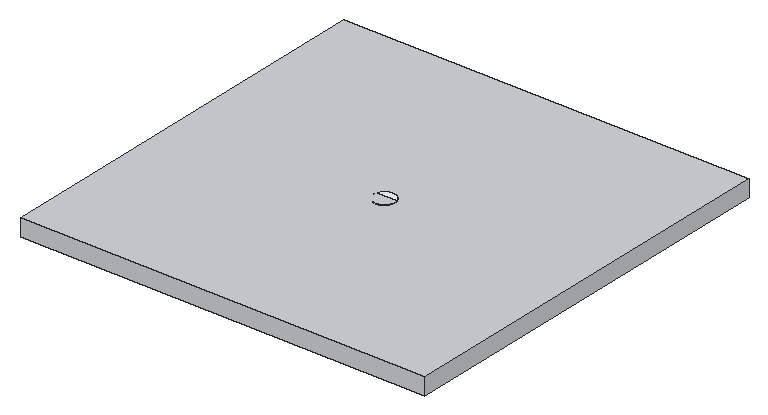
Revit family
Parameters (values of type "3"")
  WFU = 0
  URL = "WWW.MIFAB.COM"
  Strainer Radius = Strainer Diameter / 2  # 2.500"
  Strainer Diameter = 5.000"
  Pipe Radius = Pipe Diameter / 2  # 1.500"
  Pipe Diameter = 3.000"
  Model = "F1230"
  Manufacturer = "MIFAB"
  Floor Drain Material = Paint - Sherwin Williams Paint - #952C2A - Bellwood Red
  Description = "F1230 FLOOR DRAIN & F1230-WF WOOD DECK FLOOR DRAIN"
  Default Elevation = 0.000"
  Body Height = 2.500"
Types (4): name | Pipe Radius | Pipe Diameter
  (no name) | 1.500" | 3.000"
  2" | 1.000" | 2.000"
  3" | 1.500" | 3.000"
  4" | 2.000" | 4.000"
Reference planes (in)
  plane 1 "Center (Front/Back)": y = 0
  plane 2: z = 0
  plane 3 "Center (Left/Right)": x = 0
  plane 4: x = -2.5
  plane 5: x = 2.5
  plane 6: z = -2.5
  plane 7: x = -1.5
  plane 8: x = 1.5
  plane 9: z = -1
  plane 10: x = -2.31968
  plane 11: x = 2.31968
  plane 12: z = -0.73198
Forms (in)
  Extrusion 1, solid
    sketch origin (0, 0, 0) x (1, 0, 0) y (0, 1, 0)
      loop
        line (-48, 48) -> (-48, -48) -> (48, -48) -> (48, 48) -> (-48, 48)
    from 0 to -4
  Revolve 2, solid, material "Paint - Sherwin Williams Paint - #952C2A - Bellwood Red" <- "Floor Drain Material"
    sketch origin (0, 0, 0) x (1, 0, 0) y (0, 0, 1)
      loop
        line (1.5, -2.5) -> (1.66667, -2.5) -> (1.66667, -1) -> (2.5, -0.73198) -> (2.5, 0) -> (0, 0) -> (0, -1) -> (1.5, -1) -> (1.5, -2.5)
      axis (0, 0) -> (0, -2.5)
    angle from 0 to 360
Lines and regions (in)
  symbolic lines
    curve 1: circle (0, 0, 0) r 2.5 normal (0, 0, 1)
  symbolic lines, style "PlumbingFixturesHiddenLines"
    curve 2: circle (0, 0, 0) r 1.5 normal (0, 0, 1)
    curve 3: circle (0, 0, 0) r 1.66667 normal (0, 0, 1)
Dimensions and locks (in)
  equal spacing: plane 5, plane 3 "Center (Left/Right)", plane 4
  "Strainer Diameter": plane 5 to plane 4
  "Body Height": Extrusion 1 to plane 6
  equal spacing: plane 8, plane 3 "Center (Left/Right)", plane 7
  "Pipe Diameter": plane 8 to plane 7
  Revolve 2 sketch curve to Revolve 2 sketch curve = 0.16667"
  "Strainer Radius": radius of curve 1
  aligned and locked: plane 2 to Extrusion 1
  aligned and locked: level to Extrusion 1
  aligned and locked: plane 6 to Revolve 2 sketch curve
  aligned and locked: Revolve 2 sketch curve to plane 8
  aligned and locked: plane 9 to Revolve 2 sketch curve  (x2)
  aligned and locked: Revolve 2 sketch curve to Extrusion 1
  aligned and locked: plane 3 "Center (Left/Right)" to Revolve 2 sketch curve
  aligned and locked: plane 1 "Center (Front/Back)" to curve 1
  aligned and locked: plane 3 "Center (Left/Right)" to curve 1
Automatic sketch dimensions
  Extrusion 1 sketch curve to Extrusion 1 sketch curve = 96.000"  (x2)
  Revolve 2 sketch curve to plane 3 "Center (Left/Right)" = 0.000"
  plane 5 to Revolve 2 sketch curve = 0.000"
  Revolve 2 sketch curve to plane 6 = 21.500"
  level to Revolve 2 sketch curve = 102.71882"
  curve 1 to curve 2 = 0.000"  (x2)
  curve 1 to curve 3 = 0.000"  (x2)
  Revolve 2 sketch curve to plane 12 = 0.000"
  radius of curve 2 = 1.500"
  radius of curve 3 = 1.66667"
Connectors (in)
  piping at (0, 0, -2.5), driven by "Pipe Radius", driven by "WFU"
    settings: on Revolve 2, index 1, connector radius 1 1/2", flow factor 0, pipe flow 0 GPM, pressure drop 0.00 psi, fitting loss kfactor 0, connector angle 0.00°, fixture units 0, flow configuration 3, flow direction 2, fitting loss method 0, system type 16, connector reference index -1, connector utility 0, adjustable connector no, is connector primary yes, fitting loss table "", connector description "Sanitary Out"
